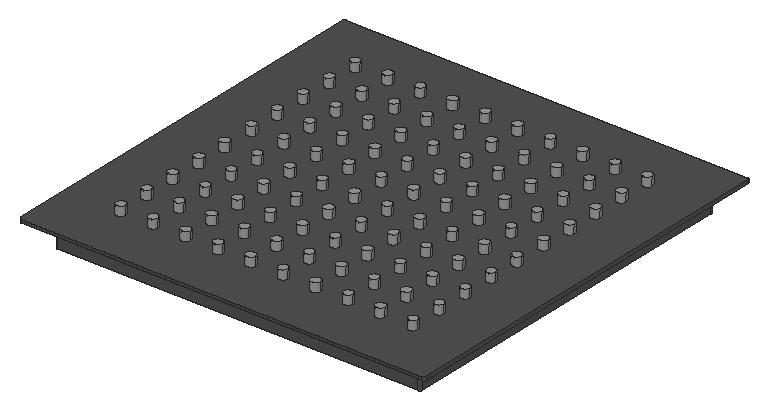
Revit family "Reece_Shower_Mizu_Bloc_Shower Head_Ceiling_1 Function_250 mm", category Plumbing Fixtures, host Face, Revit 2018
Family settings
  Host = Face
  Round Connector Dimension = Use Diameter
  Part Type = Normal
  Cut with Voids When Loaded = No
  Shared = Yes
  Room Calculation Point = Yes
Parameters (values of type "Matte Black")
  WFU = 0  # constant formula
  URL = "https://www.reece.com.au/product/-9510026"
  Type Comments = "Shower"
  Reece_Shower_Inlet = 12 mm  # constant formula
  Reece_Product_Web Page = "https://www.reece.com.au/product/-9510026"
  Reece_Product_Type = "Shower"  # constant formula
  Reece_Product_Sub Brand = "Bloc"  # constant formula
  Reece_Product_Number = "9510026"
  Reece_Product_Mount = "Ceiling Mounted"
  Reece_Product_Description = "Mizu Bloc Ceiling Shower 250mm Matte Black (3 Star)"
  Reece_Product_Brand = "Mizu"  # constant formula
  Reece_Overall_Width = 250 mm  # constant formula
  Reece_Overall_Length = 250 mm  # constant formula
  Reece_Overall_Height = 7 mm  # constant formula
  Reece_Material_Secondary [instance] = Reece_Plastic_ABS
  Reece_Material_Main [instance] = Reece_Brass_Matte Black
  Reece_Detail_Shape = "Square"  # constant formula
  Reece_Detail_Installation = "Min 16mm ceiling"  # constant formula
  Reece_Detail_Function = "1 Function"  # constant formula
  Reece_Detail_Disclaimer = "THIS FILE IS THE PROPERTY OF THE REECE GROUP. IT MAY NOT BE REPRODUCED, REVERSE-ENGINEERED OR MODIFIED. ANY REPUBLICATION, TRANSMISSION OR DISTRIBUTION FOR THE PURPOSE OF COMMERCIALLY EXPLOITING THE FILES IS PROHIBITED."  # constant formula
  Reece_Detail_Additional = "Ceiling"  # constant formula
  Model = "Bloc"
  Manufacturer = "Mizu"
  Keynote = "Product #9510026, Reece_Shower_Mizu_Bloc_Shower Head_Ceiling_1 Function_250 mm - Matte Black"
  HWFU = 0  # constant formula
  Disclaimer = "THIS FILE IS THE PROPERTY OF THE REECE GROUP. IT MAY NOT BE REPRODUCED, REVERSE-ENGINEERED OR MODIFIED. ANY REPUBLICATION, TRANSMISSION OR DISTRIBUTION FOR THE PURPOSE OF COMMERCIALLY EXPLOITING THE FILES IS PROHIBITED."  # constant formula
  Description = "Mizu Bloc Ceiling Shower 250mm Matte Black (3 Star)"
  Default Elevation = 0 mm
  CWFU = 0  # constant formula
Types (2, lengths in mm): name | URL | Reece_Product_Web Page | Reece_Product_Number | Reece_Product_Description | Reece_Material_Main | Keynote | Description
  Matte Black | "https://www.reece.com.au/product/-9510026" | "https://www.reece.com.au/product/-9510026" | "9510026" | "Mizu Bloc Ceiling Shower 250mm Matte Black (3 Star)" | Reece_Brass_Matte Black | "Product #9510026, Reece_Shower_Mizu_Bloc_Shower Head_Ceiling_1 Function_250 mm - Matte Black" | "Mizu Bloc Ceiling Shower 250mm Matte Black (3 Star)"
  Chrome | "https://www.reece.com.au/product/-9510025" | "https://www.reece.com.au/product/-9510025" | "9510025" | "Mizu Bloc Ceiling Shower 250mm Chrome (3 Star)" | Reece_Brass_Chrome | "Product #9510025, Reece_Shower_Mizu_Bloc_Shower Head_Ceiling_1 Function_250 mm - Chrome" | "Mizu Bloc Ceiling Shower 250mm Chrome (3 Star)"
Reference planes
  plane 1 "Center (Front/Back)": y = 0
  plane 2: z = 0
  plane 3 "Center (Left/Right)": x = 0
  plane 4 "Overall Height": z = 7
  plane 5: x = -125
  plane 6: x = 125
  plane 7: y = 125
  plane 8: y = -125
  plane 9 "Center L/W": z = 2
  plane 10: y = 112.5
  plane 11: y = -112.5
  plane 12: y = 112.5
  plane 13: y = -112.5
  plane 14: y = 112.5
  plane 15: y = -112.5
Forms (mm)
  Revolve 1, solid, material "Reece_Brass_Matte Black" <- "Reece_Material_Main"
    sketch origin (0, 0, -15.5) x (-1, 0, 0) y (0, 0, 1)
      loop
        line (10.261, 0) -> (0, 0) -> (0, -34.115) -> (10.261, -34.115) -> (10.261, 0)
      axis (0, 0) -> (0, -34.115)
    angle from 0 to 360
  Extrusion 2, solid, material "Reece_Plastic_ABS" <- "Reece_Material_Secondary", detail levels fine
    sketch origin (0, 0, 0) x (1, 0, 0) y (0, 1, 0)
      loop
        circle (-89.951, 90.218) r 2.798
      loop
        circle (-69.962, 90.218) r 2.798
      loop
        circle (-49.973, 90.218) r 2.798
      loop
        circle (-29.984, 90.218) r 2.798
      loop
        circle (-9.994, 90.218) r 2.798
      loop
        circle (-89.951, 70.229) r 2.798
      loop
        circle (-69.962, 70.229) r 2.798
      loop
        circle (-49.973, 70.229) r 2.798
      loop
        circle (-29.984, 70.229) r 2.798
      loop
        circle (-9.994, 70.229) r 2.798
      loop
        circle (-89.951, 50.239) r 2.798
      loop
        circle (-69.962, 50.239) r 2.798
      loop
        circle (-49.973, 50.239) r 2.798
      loop
        circle (-29.984, 50.239) r 2.798
      loop
        circle (-9.994, 50.239) r 2.798
      loop
        circle (-89.951, 30.25) r 2.798
      loop
        circle (-69.962, 30.25) r 2.798
      loop
        circle (-49.973, 30.25) r 2.798
      loop
        circle (-29.984, 30.25) r 2.798
      loop
        circle (-9.994, 30.25) r 2.798
      loop
        circle (-89.951, 10.261) r 2.798
      loop
        circle (-69.962, 10.261) r 2.798
      loop
        circle (-49.973, 10.261) r 2.798
      loop
        circle (-29.984, 10.261) r 2.798
      loop
        circle (-9.994, 10.261) r 2.798
      loop
        circle (-89.951, -90.218) r 2.798
      loop
        circle (-69.962, -90.218) r 2.798
      loop
        circle (-49.973, -90.218) r 2.798
      loop
        circle (-29.984, -90.218) r 2.798
      loop
        circle (-9.994, -90.218) r 2.798
      loop
        circle (-89.951, -70.229) r 2.798
      loop
        circle (-69.962, -70.229) r 2.798
      loop
        circle (-49.973, -70.229) r 2.798
      loop
        circle (-29.984, -70.229) r 2.798
      loop
        circle (-9.994, -70.229) r 2.798
      loop
        circle (-89.951, -50.239) r 2.798
      loop
        circle (-69.962, -50.239) r 2.798
      loop
        circle (-49.973, -50.239) r 2.798
      loop
        circle (-29.984, -50.239) r 2.798
      loop
        circle (-9.994, -50.239) r 2.798
      loop
        circle (-89.951, -30.25) r 2.798
      loop
        circle (-69.962, -30.25) r 2.798
      loop
        circle (-49.973, -30.25) r 2.798
      loop
        circle (-29.984, -30.25) r 2.798
      loop
        circle (-9.994, -30.25) r 2.798
      loop
        circle (-89.951, -10.261) r 2.798
      loop
        circle (-69.962, -10.261) r 2.798
      loop
        circle (-49.973, -10.261) r 2.798
      loop
        circle (-29.984, -10.261) r 2.798
      loop
        circle (-9.994, -10.261) r 2.798
      loop
        circle (89.951, 90.218) r 2.798
      loop
        circle (69.962, 90.218) r 2.798
      loop
        circle (49.973, 90.218) r 2.798
      loop
        circle (29.984, 90.218) r 2.798
      loop
        circle (9.994, 90.218) r 2.798
      loop
        circle (89.951, 70.229) r 2.798
      loop
        circle (69.962, 70.229) r 2.798
      loop
        circle (49.973, 70.229) r 2.798
      loop
        circle (29.984, 70.229) r 2.798
      loop
        circle (9.994, 70.229) r 2.798
      loop
        circle (89.951, 50.239) r 2.798
      loop
        circle (69.962, 50.239) r 2.798
      loop
        circle (49.973, 50.239) r 2.798
      loop
        circle (29.984, 50.239) r 2.798
      loop
        circle (9.994, 50.239) r 2.798
      loop
        circle (89.951, 30.25) r 2.798
      loop
        circle (69.962, 30.25) r 2.798
      loop
        circle (49.973, 30.25) r 2.798
      loop
        circle (29.984, 30.25) r 2.798
      loop
        circle (9.994, 30.25) r 2.798
      loop
        circle (89.951, 10.261) r 2.798
      loop
        circle (69.962, 10.261) r 2.798
      loop
        circle (49.973, 10.261) r 2.798
      loop
        circle (29.984, 10.261) r 2.798
      loop
        circle (9.994, 10.261) r 2.798
      loop
        circle (89.951, -90.218) r 2.798
      loop
        circle (69.962, -90.218) r 2.798
      loop
        circle (49.973, -90.218) r 2.798
      loop
        circle (29.984, -90.218) r 2.798
      loop
        circle (9.994, -90.218) r 2.798
      loop
        circle (89.951, -70.229) r 2.798
      loop
        circle (69.962, -70.229) r 2.798
      loop
        circle (49.973, -70.229) r 2.798
      loop
        circle (29.984, -70.229) r 2.798
      loop
        circle (9.994, -70.229) r 2.798
      loop
        circle (89.951, -50.239) r 2.798
      loop
        circle (69.962, -50.239) r 2.798
      loop
        circle (49.973, -50.239) r 2.798
      loop
        circle (29.984, -50.239) r 2.798
      loop
        circle (9.994, -50.239) r 2.798
      loop
        circle (89.951, -30.25) r 2.798
      loop
        circle (69.962, -30.25) r 2.798
      loop
        circle (49.973, -30.25) r 2.798
      loop
        circle (29.984, -30.25) r 2.798
      loop
        circle (9.994, -30.25) r 2.798
      loop
        circle (89.951, -10.261) r 2.798
      loop
        circle (69.962, -10.261) r 2.798
      loop
        circle (49.973, -10.261) r 2.798
      loop
        circle (29.984, -10.261) r 2.798
      loop
        circle (9.994, -10.261) r 2.798
    from 2 to 7
  Extrusion 3, solid, material "Reece_Brass_Matte Black" <- "Reece_Material_Main"
    sketch origin (0, 0, 15.415) x (0, -1, 0) y (1, 0, 0)
      loop
        arc (-125, -123.2) -> (-124.473, -124.473) -> (-123.2, -125) r 1.8
        line (-123.2, -125) -> (123.2, -125)
        arc (123.2, -125) -> (124.473, -124.473) -> (125, -123.2) r 1.8
        line (125, -123.2) -> (125, 123.2)
        arc (125, 123.2) -> (124.473, 124.473) -> (123.2, 125) r 1.8
        line (123.2, 125) -> (-123.2, 125)
        arc (-123.2, 125) -> (-124.473, 124.473) -> (-125, 123.2) r 1.8
        line (-125, 123.2) -> (-125, -123.2)
    from -15.415 to -13.415
  Extrusion 4, solid, material "Reece_Brass_Matte Black" <- "Reece_Material_Main"
    sketch origin (0, 0, -15.5) x (1, 0, 0) y (0, 1, 0)
      loop
        arc (-110.7, 112.5) -> (-111.973, 111.973) -> (-112.5, 110.7) r 1.8
        line (-112.5, 110.7) -> (-112.5, -110.7)
        arc (-112.5, -110.7) -> (-111.973, -111.973) -> (-110.7, -112.5) r 1.8
        line (-110.7, -112.5) -> (110.7, -112.5)
        arc (110.7, -112.5) -> (111.973, -111.973) -> (112.5, -110.7) r 1.8
        line (112.5, -110.7) -> (112.5, 110.7)
        arc (112.5, 110.7) -> (111.973, 111.973) -> (110.7, 112.5) r 1.8
        line (110.7, 112.5) -> (-110.7, 112.5)
    from 0 to 15.458
  Extrusion 5, void
    sketch origin (619.2, 20, 0) x (0, 1, 0) y (1, 0, 0)
      loop
        line (95.5, -734.7) -> (95.5, -503.7) -> (-135.5, -503.7) -> (-135.5, -734.7) -> (95.5, -734.7)
    from 0 to 40
Cuts and joins
  Extrusion 5 cuts Extrusion 3
  joined: Revolve 1, Extrusion 3, Extrusion 4
Text (mm)
  text "Reece Copyright © 2018, Reece Ltd." at (-684.407, -223.434, 0), in view "Ref. Level"
  text "Reece ©" at (290.323, 26.521, 334.836), in view "Reece_Preview"
Dimensions and locks
  equal spacing: plane 8, plane 1 "Center (Front/Back)", plane 7
  equal spacing: plane 5, plane 3 "Center (Left/Right)", plane 6
  "Reece_Overall_Height": plane 4 "Overall Height" to plane 2
  "Reece_Overall_Length": plane 5 to plane 6
  "Reece_Overall_Width": plane 7 to plane 8
  plane 9 "Center L/W" to plane 2 = 2 mm
  plane 4 "Overall Height" to plane 9 "Center L/W" = 5 mm
  plane 11 to plane 10 = 225 mm  (x2)
  plane 12 to plane 13 = 225 mm  (x2)
  plane 14 to plane 15 = 225 mm  (x2)
  aligned and locked: host face to plane 2
  aligned and locked: level to host face
  aligned and locked: Extrusion 2 to plane 9 "Center L/W"
  aligned and locked: plane 4 "Overall Height" to Extrusion 2
  aligned and locked: cut or joined group of Revolve 1, Extrusion 3, Extrusion 4, Extrusion 5 to host face
  aligned and locked: plane 9 "Center L/W" to cut or joined group of Revolve 1, Extrusion 3, Extrusion 4, Extrusion 5
Automatic sketch dimensions
  host sketch curve to host sketch curve = 400 mm  (x2)
  Extrusion 3 sketch curve to plane 7 = 0 mm
  Extrusion 3 sketch curve to plane 6 = 0 mm
  Extrusion 3 sketch curve to plane 5 = 0 mm
  plane 8 to Extrusion 3 sketch curve = 0 mm
  Extrusion 3 sketch curve to plane 7 = 1.8 mm
  Extrusion 3 sketch curve to Extrusion 3 sketch curve = 1.8 mm
  Extrusion 3 sketch curve to plane 8 = 1.8 mm  (x2)
  plane 5 to Extrusion 2 sketch curve = 35.049 mm  (x2)
  plane 1 "Center (Front/Back)" to Extrusion 2 sketch curve = 10.261 mm  (x10)
  Extrusion 2 sketch curve to Extrusion 2 sketch curve = 0 mm  (x68)
  Extrusion 2 sketch curve to plane 1 "Center (Front/Back)" = 10.261 mm  (x10)
  Extrusion 2 sketch curve to Extrusion 2 sketch curve = 19.989 mm  (x74)
  Extrusion 2 sketch curve to Extrusion 2 sketch curve = 19.99 mm  (x16)
  Extrusion 2 sketch curve to plane 3 "Center (Left/Right)" = 9.994 mm  (x10)
  plane 3 "Center (Left/Right)" to Extrusion 2 sketch curve = 9.994 mm  (x10)
  Revolve 1 sketch curve to plane 3 "Center (Left/Right)" = 0 mm  (x2)
  Revolve 1 sketch curve to level = 15.5 mm
  Revolve 1 sketch curve to Revolve 1 sketch curve = 10.261 mm
  Revolve 1 sketch curve to Revolve 1 sketch curve = 34.115 mm
  Revolve 1 sketch curve to plane 9 "Center L/W" = 23.564 mm
  Revolve 1 sketch curve to plane 4 "Overall Height" = 7.352 mm
  Extrusion 4 sketch curve to plane 12 = 0 mm
  Extrusion 4 sketch curve to plane 13 = 0 mm
  plane 13 to Extrusion 4 sketch curve = 1.8 mm  (x2)
  plane 5 to Extrusion 4 sketch curve = 12.5 mm
  Extrusion 4 sketch curve to Extrusion 4 sketch curve = 1.8 mm  (x2)
  plane 6 to Extrusion 4 sketch curve = 14.3 mm
  Extrusion 5 sketch curve to plane 15 = 3 mm
  plane 5 to Extrusion 5 sketch curve = 9.5 mm
  plane 6 to Extrusion 5 sketch curve = 9.5 mm
  plane 14 to Extrusion 5 sketch curve = 3 mm
  radius of Extrusion 2 sketch curve = 2.798 mm  (x100)
Connectors
  piping at (0, 0, -49.615), diameter 12, driven by "Reece_Shower_Inlet"
    settings: on cut or joined group of Revolve 1, Extrusion 3, Extrusion 4, Extrusion 5, index 1, connector inside diameter 609.6 mm, connector length 0 mm, flow factor 0, pipe flow 0.0 L/s, pressure drop 0.0 Pa, fitting loss kfactor 0, connector angle 0.00°, fixture units 0, engagement length 0 mm, angle of deflection 0.00°, flow configuration 0, flow direction 1, fitting loss method 0, system type 29, joint type 0, gender type 0, connector reference index -1, connector utility 0, adjustable connector no, is connector primary yes, connector description ""
